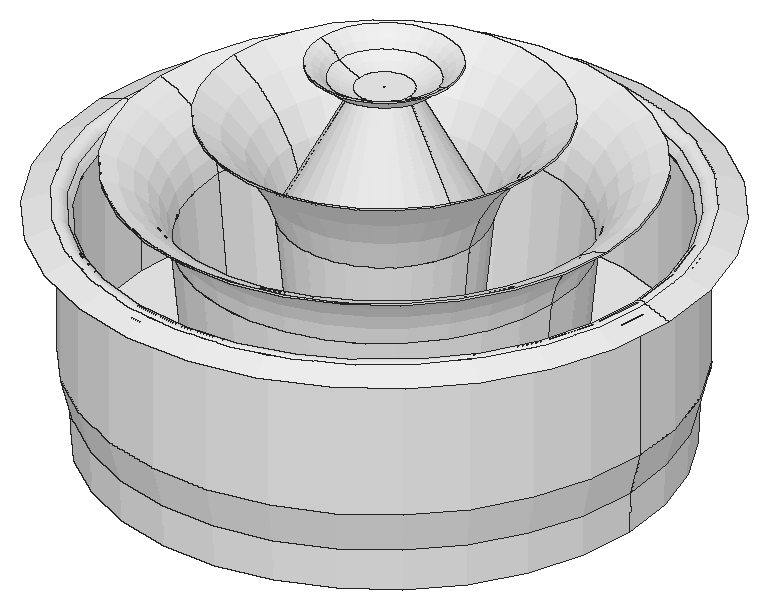
Revit family
Parameters
  URL = "http://www.productspec.net/products/32037/holyoake-industries/diffusers-jd.aspx"
  Type Comments = "Jet Diffuser"  # constant formula
  Radius = E / 2  # 199.2 mm
  Overall Height = A + B  # 234.4 mm
  Model = "JD-350"  # constant formula
  Manufacturer = "Holyoake Industries Ltd"  # constant formula
  Engineering Data [instance] = "http://www.productspec.net/nas/TechnicalFiles/2367/p32037/D3-D4 JD.pdf"
  E = 398.4 mm
  Duct Radius = C / 2  # 172.0 mm
  Diffuser [instance] = Aluminium - Holyoake
  Description = "Designed to provide an attractive option for air conditioning large areas."  # constant formula
  D = 369.0 mm
  Created By = "Productspec Ltd"  # constant formula
  C = 344.0 mm
  B = 140.4 mm
  Author = "DZZ"  # constant formula
  Airflow Rate [instance] = 0.0 L/s
  A = 94.0 mm
Reference planes
  plane 1 "Center (Front/Back)": y = 0
  plane 2: z = 0
  plane 3 "Center (Left/Right)": x = 0
  plane 4: z = 94
  plane 5: z = -140.4
  plane 6: y = -199.2
  plane 7: y = 199.2
  plane 8: y = 172
  plane 9: y = -172
  plane 10: y = 184.5
  plane 11: y = -184.5
Forms (mm)
  Sweep 1, solid, material "Aluminium - Holyoake"
    path origin (0, 0, 0) x (1, 0, 0) y (0, 1, 0)
      loop
        circle (0, 0) r 199.2
    profile "Holyoake_JetDiffuser_JD350_Profile : Holyoake_JetDiffuser_JD_Profile" origin (0, 199.2, 0) x (0, -1, 0) y (0, 0, 1)
      loop
        line (198.7, -140.4) -> (198.7, -139.4) -> (154.218, -139.4) -> (140.572, -2.874) -> (181.878, 75.405) -> (198.7, 75.405) -> (198.7, 78.405) -> (181.9, 78.405)
        arc (181.9, 78.405) -> (174.285, 80.92) -> (167.089, 84.459) r 58.177
        arc (167.089, 84.459) -> (161.736, 90.106) -> (155, 94) r 27.105
        line (155, 94) -> (155, 92.877)
        arc (155, 92.877) -> (161.322, 89.107) -> (166.337, 83.72) r 26.065
        arc (166.337, 83.72) -> (173.798, 80.02) -> (181.705, 77.405) r 59.194
        line (181.705, 77.405) -> (197.7, 77.405) -> (197.7, 76.405) -> (181.281, 76.405) -> (140.395, -1.11)
        arc (140.395, -1.11) -> (123.387, 34.838) -> (93.7, 61.3) r 99.88
        line (93.7, 61.3) -> (93.7, 60.143)
        arc (93.7, 60.143) -> (122.734, 34.044) -> (139.404, -1.259) r 98.882
        line (139.404, -1.259) -> (150.474, -112.2) -> (91.7, -112.2) -> (82.722, -17.2)
        arc (82.722, -17.2) -> (70.074, 12.777) -> (42.7, 30.362) r 55
        line (42.7, 30.362) -> (42.7, 29.315)
        arc (42.7, 29.315) -> (69.147, 12.325) -> (81.65, -16.516) r 54
        line (81.65, -16.516) -> (89.442, -96.7) -> (28.4, -96.7) -> (28.4, -2.226)
        arc (28.4, -2.226) -> (26.892, 0.809) -> (25.047, 3.652) r 29.659
        arc (25.047, 3.652) -> (21.278, 7.101) -> (16.169, 7.044) r 6.954
        line (16.169, 7.044) -> (0, 1.041) -> (5.5, 0) -> (15.85, 0)
        arc (15.85, 0) -> (18.678, -1.172) -> (19.85, -4) r 4
        line (19.85, -4) -> (19.85, -89.23) -> (26.756, -115.3) -> (27.426, -140.4) -> (198.7, -140.4)
      loop
        line (3.83, 1) -> (15.85, 1)
        arc (15.85, 1) -> (19.386, -0.464) -> (20.85, -4) r 5
        line (20.85, -4) -> (20.85, -89.107) -> (27.753, -115.164) -> (28.4, -139.4) -> (153.213, -139.4) -> (150.575, -113.2) -> (90.794, -113.2) -> (89.538, -97.7) -> (27.4, -97.7) -> (27.4, -2.501)
        arc (27.4, -2.501) -> (25.996, 0.306) -> (24.293, 2.942) r 28.631
        arc (24.293, 2.942) -> (20.995, 6.179) -> (16.375, 6.092) r 5.97
        line (16.375, 6.092) -> (3.83, 1)
Dimensions and locks
  "A": plane 4 to plane 2
  "B": plane 2 to plane 5
  "E": plane 7 to plane 6
  equal spacing: plane 7, plane 1 "Center (Front/Back)", plane 6
  equal spacing: plane 8, plane 1 "Center (Front/Back)", plane 9
  equal spacing: plane 10, plane 1 "Center (Front/Back)", plane 11
  "C": plane 8 to plane 9
  "D": plane 10 to plane 11
  "Radius": radius of Sweep 1 sketch curve
Automatic sketch dimensions
  plane 1 "Center (Front/Back)" to Sweep 1 sketch curve = 0.0 mm
  Sweep 1 sketch curve to plane 3 "Center (Left/Right)" = 0.0 mm
Connectors
  hvac at (0, 0, -140.4), driven by "Duct Radius", driven by "Airflow Rate"
    settings: on Sweep 1, index 1
